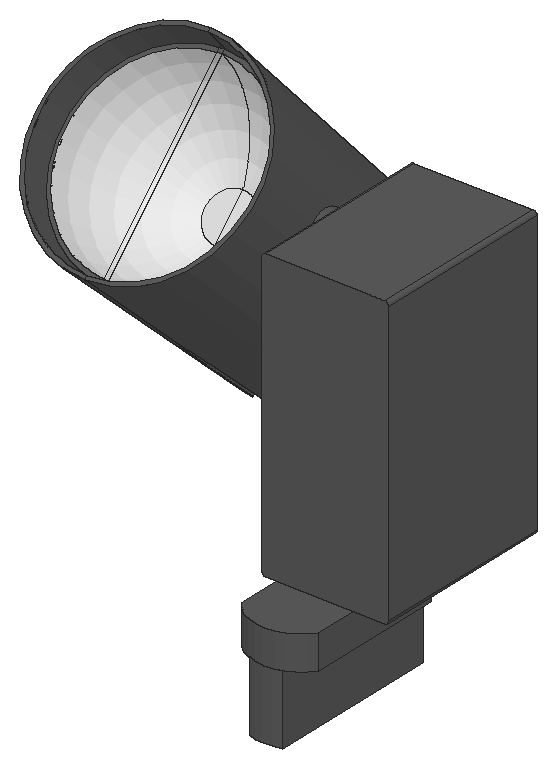
Revit family "0004940 Feilo Sylvania Lighting Fixture START TRACK SPOT S DALI 1262LM 930 WB BLK", category Lighting Fixtures, host Face, Revit 2017 (continued)
Definition of nested family "Start Track Spot Head"
  Types (96, lengths in mm): name | Wattage | built-in parameter 1150134 | Photometric Web File | Model | built-in parameter 1150105 | Lumens | built-in parameter 1150107 | built-in parameter 1150106 | HeadThickness_FEILO | HeadRibOffset_FEILO | HeadRibDepth_FEILO | HeadRibCutWidth_FEILO | HeadRibCutOffset_FEILO | HeadReflectorRadius_FEILO | HeadReflectorOffset_FEILO | HeadLEDRadius_FEILO | HeadHeight_FEILO | HeadDiffusorOffset_FEILO | HeadDiaOut_FEILO | HeadDiaIn_FEILO | HeadAxisFromTop_FEILO | Emit from Circle Diameter | built-in parameter 1150104 | Description | Apparent Load
    0004812 START TRACK SPOT S 14W 3K RA80 MB WHITE | 14 W | (empty or 0) | "0004812.ies" | "START TRACK SPOT S 14W 3K RA80 MB WHITE" | 120.32 (stored number, unit not read) | 1512 lm | 3000 (stored number, unit not read) | 1.2032 (stored number, unit not read) | 1.5 | 4.179 | 55.714 | 7.167 | 50.87 | 50.588 | 55.714 | 9.556 | 117 | 9.435 | 86 | 77.477 | 69.354 | 77.477 | 10.034 (stored number, unit not read) | "Integrated LED spotlight, Textured White - RAL9016, compact and minimalist design, ideal for retail applications, die-cast aluminium body, passive cooling heatsink. Beam angle: 36°, color temperature: 3000K , total system power: 14W, total fixture output: 1508 lm, LOR: 100%, colour rendering: Ra: 80 typical, LED Chromaticity: 3 step MacAdam ellipse, lifetime: >50000 hours at L70B50, energy class: A++, A+, A, IR/UV free light source without heat radiation, operating voltage: 220-240V / 50-60Hz, drive current: 350mA, electronic driver, non-dimmable, power factor: 0.92, electrical protection: Class II, Global Track 3 Phase adapter suitable for Global trac 3-circuit tracks, ingress protection rating: IP20, suitable for internal environment only, horizontal rotation: 355°, vertical tilt: 90°, dimensions: Ø86x140x200, weight: 0.940kg." | 14 VA
    0004811 START TRACK SPOT S 14W 3K RA80 NB WHITE | 14 W | (empty or 0) | "0004811.ies" | "START TRACK SPOT S 14W 3K RA80 NB WHITE" | 123.66 (stored number, unit not read) | 1554 lm | 3000 (stored number, unit not read) | 1.2366 (stored number, unit not read) | 1.5 | 4.179 | 55.714 | 7.167 | 50.87 | 50.588 | 55.714 | 9.556 | 117 | 9.435 | 86 | 77.477 | 69.354 | 77.477 | 10.312 (stored number, unit not read) | "Integrated LED spotlight, Textured White - RAL9016, compact and minimalist design, ideal for retail applications, die-cast aluminium body, passive cooling heatsink. Beam angle: 12°, color temperature: 3000K , total system power: 14W, total fixture output: 1551 lm, LOR: 100%, colour rendering: Ra: 80 typical, LED Chromaticity: 3 step MacAdam ellipse, lifetime: >50000 hours at L70B50, energy class: A++, A+, A, IR/UV free light source without heat radiation, operating voltage: 220-240V / 50-60Hz, drive current: 350mA, electronic driver, non-dimmable, power factor: 0.92, electrical protection: Class II, Global Track 3 Phase adapter suitable for Global trac 3-circuit tracks, ingress protection rating: IP20, suitable for internal environment only, horizontal rotation: 355°, vertical tilt: 90°, dimensions: Ø86x140x200, weight: 0.940kg." | 14 VA
  Reference planes
    plane 1 "Center (Front/Back)": y = 0
    plane 2: z = 0
    plane 3 "Center (Left/Right)": x = 0
    plane 4: x = 43
    plane 5: x = -43
    plane 6: x = -38.739
    plane 7: x = 38.739
    plane 8: z = 69.354
    plane 9: z = -47.646
    plane 10: x = -41.5
    plane 11: x = -37.239
    plane 12: z = -38.211
    plane 13: z = -35.211
    plane 14: z = 8.068
    plane 15: x = -9.556
    plane 16: x = -28.667
    plane 17: x = -19.111
    plane 18: x = -27.167
    plane 19: x = -17.611
    plane 20: x = -8.056
    plane 21: z = 13.64
    plane 22: x = -29.667
    plane 23: x = -26.167
    plane 24: x = -20.111
    plane 25: x = -16.611
    plane 26: x = -10.556
    plane 27: x = -7.056
    plane 28: x = -36.239
    plane 29: x = -40.5
    plane 30: z = 65.175
    plane 31: z = 60.997
    plane 32: z = 56.818
    plane 33: z = 18.484
    plane 34: y = -43
    plane 35: y = 43
    plane 36: y = 3.583
    plane 37: y = -3.583
    plane 38: y = -2.583
    plane 39: y = 2.583
    plane 40: y = 46
    plane 41: z = 13.5
    plane 42: z = -13.5
    plane 43: y = 39
    plane 44: x = 4.708
    plane 45: x = -2.458
    plane 46: x = -1.458
    plane 47: x = 1.458
  Forms (mm)
    Extrusion 1, solid
      sketch origin (4.2, 0, 0) x (1, 0, 0) y (0, 1, 0)
        loop
          line (-1219.2, 1219.2) -> (-1219.2, -1219.2) -> (1219.2, -1219.2) -> (1219.2, 1219.2) -> (-1219.2, 1219.2)
      from 0 to -68.017
    Revolve 2, solid, material <- "Material_1_FEILO", detail levels medium+fine
      sketch origin (0, 0, 0) x (1, 0, 0) y (0, 0, 1)
        loop
          line (-43, -47.646) -> (-41.5, -47.646) -> (-40.5, -35.211) -> (-38.739, -35.211)
          arc (-38.739, -35.211) -> (-30.16, -9.517) -> (-9.556, 8.068) r 50.588
          line (-9.556, 8.068) -> (0, 8.068) -> (0, 13.64) -> (-16.611, 13.64) -> (-17.611, 60.997) -> (-19.111, 60.997) -> (-20.111, 13.64) -> (-36.239, 13.64) -> (-37.239, 69.354) -> (-38.739, 69.354) -> (-43, -47.646)
        axis (0, 69.354) -> (0, -47.646)
      angle from 360 to 0
    Extrusion 3, void
      sketch origin (0, 0, 0) x (0, 1, 0) y (0, 0, 1)
        loop
          line (-3.583, 69.354) -> (-2.583, 18.484) -> (1.932, 18.484) -> (2.932, 69.354) -> (-3.583, 69.354)
      from 43 to -43
    Revolve 4, solid, material <- "Material_2_FEILO", detail levels medium+fine
      sketch origin (0, 0, 0) x (1, 0, 0) y (0, 0, 1)
        loop
          line (-41.5, -38.211) -> (0, -38.211) -> (0, -35.211) -> (-41.5, -35.211) -> (-41.5, -38.211)
        axis (0, -35.211) -> (0, -38.211)
      angle from 360 to 0
    Revolve 5, solid, material <- "Material_1_FEILO"
      sketch origin (0, 0, 0) x (0, 1, 0) y (0, 0, 1)
        loop
          line (46, 0) -> (39, 0) -> (39, -13.5) -> (46, -13.5) -> (46, 0)
        axis (39, 0) -> (46, 0)
      angle from 360 to 0
    Revolve 6, solid, material <- "Material_1_FEILO", detail levels medium+fine
      sketch origin (0, 0, 0) x (1, 0, 0) y (0, 0, 1)
        loop
          line (-29.667, 13.64) -> (-26.167, 13.64) -> (-27.167, 65.175) -> (-28.667, 65.175) -> (-29.667, 13.64)
        loop
          line (-10.556, 13.64) -> (-7.056, 13.64) -> (-7.833, 56.818) -> (-9.778, 56.818) -> (-10.556, 13.64)
        axis (0, 65.175) -> (0, 13.64)
      angle from 360 to 0
    Extrusion 7, void
      sketch origin (0, 0, 0) x (1, 0, 0) y (0, 0, 1)
        loop
          line (4.708, 69.354) -> (-2.458, 69.354) -> (-1.458, 13.64) -> (1.458, 13.64) -> (4.708, 69.354)
      from -43 to 43
    Revolve 8, solid, material <- "Material_1_FEILO", detail levels coarse
      sketch origin (0, 0, 0) x (1, 0, 0) y (0, 0, 1)
        loop
          line (0, 69.354) -> (-38.739, 69.354) -> (-43, -47.646) -> (-41.5, -47.646) -> (-40.731, -38.211) -> (0, -38.211) -> (0, 69.354)
        axis (0, 69.354) -> (0, -47.646)
      angle from 360 to 0
  Cuts and joins
    Extrusion 3 cuts Revolve 2
    Extrusion 7 cuts Revolve 6
  Dimensions and locks
    equal spacing: plane 7, plane 3 "Center (Left/Right)", plane 6
    equal spacing: plane 4, plane 3 "Center (Left/Right)", plane 5
    "HeadDiaOut_FEILO": plane 4 to plane 5
    "HeadDiaIn_FEILO": plane 7 to plane 6
    "HeadHeight_FEILO": plane 8 to plane 9
    "HeadThickness_FEILO": plane 10 to plane 5
    "HeadThickness_FEILO": plane 11 to plane 6
    "HeadDiffusorOffset_FEILO": plane 12 to plane 9
    "HeadDiffusorThickness_FEILO": plane 13 to plane 12
    "HeadReflectorOffset_FEILO": plane 14 to plane 9
    "HeadLEDRadius_FEILO": plane 3 "Center (Left/Right)" to plane 15
    "HeadLEDRadius_FEILO": plane 15 to plane 17
    "HeadLEDRadius_FEILO": plane 17 to plane 16
    "HeadThickness_FEILO": plane 18 to plane 16
    "HeadThickness_FEILO": plane 19 to plane 17
    "HeadThickness_FEILO": plane 20 to plane 15
    "HeadRibDepth_FEILO": plane 8 to plane 21
    "HeadDraft_FEILO": plane 16 to plane 22
    "HeadDraft_FEILO": plane 23 to plane 18
    "HeadDraft_FEILO": plane 17 to plane 24
    "HeadDraft_FEILO": plane 25 to plane 19
    "HeadDraft_FEILO": plane 15 to plane 26
    "HeadDraft_FEILO": plane 27 to plane 20
    "HeadDraft_FEILO": plane 29 to plane 10
    "HeadDraft_FEILO": plane 28 to plane 11
    "HeadRibOffset_FEILO": plane 8 to plane 30
    "HeadRibOffset_FEILO": plane 30 to plane 31
    "HeadRibOffset_FEILO": plane 31 to plane 32
    "HeadAxisFromTop_FEILO": plane 8 to plane 2
    "HeadRibCutOffset_FEILO": plane 8 to plane 33
    equal spacing: plane 34, plane 1 "Center (Front/Back)", plane 35
    "HeadDiaOut_FEILO": plane 34 to plane 35
    equal spacing: plane 38, plane 1 "Center (Front/Back)", plane 39
    equal spacing: plane 37, plane 1 "Center (Front/Back)", plane 36
    "HeadRibCutWidth_FEILO": plane 37 to plane 36
    "HeadDraft_FEILO": plane 37 to plane 38
    locked: plane 35 to plane 40 at 3
    equal spacing: plane 41, plane 2, plane 42
    locked: plane 42 to plane 41 at 27
    locked: plane 43 to plane 35 at 4
    equal spacing: plane 45, imposter light, plane 44
    "HeadDraft_FEILO": plane 46 to plane 45
    "HeadRibCutWidth_FEILO": plane 44 to plane 45
    equal spacing: plane 47, plane 3 "Center (Left/Right)", plane 46
    "HeadReflectorRadius_FEILO": radius of Revolve 2 sketch curve
    aligned and locked: plane 2 to Extrusion 1
    aligned and locked: level to Extrusion 1
    aligned and locked: Revolve 2 sketch curve to plane 3 "Center (Left/Right)"  (x2)
    aligned and locked: plane 9 to Revolve 2 sketch curve  (x2)
    aligned and locked: plane 5 to Revolve 2 sketch curve
    aligned and locked: plane 10 to Revolve 2 sketch curve
    aligned and locked: plane 14 to Revolve 2 sketch curve
    aligned and locked: plane 8 to Revolve 2 sketch curve
    aligned and locked: Revolve 2 sketch curve to plane 13
    aligned and locked: plane 12 to Revolve 4 sketch curve
    aligned and locked: plane 3 "Center (Left/Right)" to Revolve 4 sketch curve
    aligned and locked: Revolve 4 sketch curve to plane 10
    aligned and locked: Revolve 4 sketch curve to plane 3 "Center (Left/Right)"
    aligned and locked: plane 12 to imposter light
    aligned and locked: imposter light to plane 1 "Center (Front/Back)"
    aligned and locked: Revolve 5 sketch curve to plane 2
    aligned and locked: plane 43 to Revolve 5 sketch curve
    aligned and locked: plane 42 to Revolve 5 sketch curve
    aligned and locked: Revolve 6 sketch curve to plane 3 "Center (Left/Right)"
    aligned and locked: plane 22 to Revolve 6 sketch curve
    aligned and locked: plane 30 to Revolve 6 sketch curve
    aligned and locked: plane 23 to Revolve 6 sketch curve
    aligned and locked: Revolve 6 sketch curve to plane 21  (x2)
    aligned and locked: plane 21 to Revolve 6 sketch curve
    aligned and locked: plane 17 to Revolve 2 sketch curve
    aligned and locked: plane 19 to Revolve 2 sketch curve
    aligned and locked: plane 31 to Revolve 2 sketch curve
    aligned and locked: plane 21 to Revolve 2 sketch curve
    aligned and locked: Extrusion 3 to plane 8
    aligned and locked: plane 33 to Extrusion 3
    aligned and locked: plane 8 to Extrusion 3 sketch curve
    aligned and locked: Extrusion 3 sketch curve to plane 33
    aligned and locked: Extrusion 3 to plane 5
    aligned and locked: plane 4 to Extrusion 3
    aligned and locked: plane 32 to Revolve 6 sketch curve
    aligned and locked: plane 44 to Extrusion 7 sketch curve
    aligned and locked: Extrusion 7 sketch curve to plane 8
    aligned and locked: plane 46 to Extrusion 7 sketch curve
    aligned and locked: plane 21 to Extrusion 7 sketch curve
    aligned and locked: plane 34 to Extrusion 7
    aligned and locked: Extrusion 7 to plane 35
    aligned and locked: Revolve 4 sketch curve to plane 13
    aligned and locked: Revolve 5 sketch curve to plane 40
    aligned and locked: Revolve 8 sketch curve to plane 3 "Center (Left/Right)"
    aligned and locked: Revolve 8 sketch curve to cut or joined group of Revolve 2, Extrusion 3  (x3)
    aligned and locked: plane 5 to Revolve 8 sketch curve
    aligned and locked: plane 3 "Center (Left/Right)" to Revolve 8 sketch curve
    aligned and locked: plane 12 to Revolve 8 sketch curve
  Automatic sketch dimensions
    Extrusion 1 sketch curve to Extrusion 1 sketch curve = 2438.4 mm  (x2)
    Extrusion 3 sketch curve to plane 37 = 0 mm
    Extrusion 3 sketch curve to plane 38 = 0 mm
    plane 39 to Extrusion 3 sketch curve = 0.651 mm
    Extrusion 3 sketch curve to plane 39 = 0.349 mm
    Revolve 6 sketch curve to plane 16 = 0 mm
    Revolve 6 sketch curve to plane 18 = 0 mm
    Revolve 6 sketch curve to plane 26 = 0 mm
    Revolve 6 sketch curve to plane 27 = 0 mm
    Revolve 6 sketch curve to plane 15 = 0.222 mm
    plane 9 to Revolve 6 sketch curve = 559.103 mm
    Revolve 6 sketch curve to plane 8 = 2535.555 mm
    plane 20 to Revolve 6 sketch curve = 0.222 mm
    Revolve 2 sketch curve to plane 29 = 0 mm
    Revolve 2 sketch curve to plane 6 = 0 mm  (x2)
    Revolve 2 sketch curve to plane 11 = 0 mm
    Revolve 2 sketch curve to plane 21 = 0 mm
    Revolve 2 sketch curve to plane 28 = 0 mm
    Revolve 2 sketch curve to plane 24 = 0 mm
    Revolve 2 sketch curve to plane 25 = 0 mm
    Revolve 2 sketch curve to plane 15 = 0 mm
    Revolve 2 sketch curve to Revolve 2 sketch curve = 557.155 mm
    Revolve 2 sketch curve to plane 8 = 2535.558 mm
    Extrusion 7 sketch curve to plane 45 = 0 mm
    Extrusion 7 sketch curve to plane 47 = 0 mm
    plane 9 to Revolve 4 sketch curve = 559.103 mm
    Revolve 4 sketch curve to plane 8 = 2535.555 mm
    Revolve 5 sketch curve to level = 0 mm
    plane 34 to Revolve 5 sketch curve = 1968.092 mm
    Revolve 5 sketch curve to plane 40 = 1405.763 mm
    Revolve 8 sketch curve to plane 6 = 0 mm
    Revolve 8 sketch curve to plane 29 = 0.231 mm
    plane 9 to Revolve 8 sketch curve = 559.103 mm
    Revolve 8 sketch curve to Revolve 8 sketch curve = 2535.555 mm
Definition of nested family "Start Track Spot Box"
  Parameters (values of type "Type Large White")
    URL = "http://www.feilosylvania.com"
    Type Image = (empty or 0)
    Type Comments = "n/a"
    Small_FEILO = no
    Material_3_FEILO = none
    Model = ""
    Manufacturer = "Feilo Sylvania"
    Keynote = ""
    Material_2_FEILO = none
    Description = ""
    Default Elevation = 1219.2 mm
    Cost = 0
    Material_1_FEILO = none
    BoxWidth_FEILO = 49 mm
    BoxStartAngle_FEILO [instance] = 0.00°
    BoxRadius_FEILO = 1.5 mm
    BoxHeight_FEILO = if(Small_FEILO, 112 mm, 136 mm)  # 136 mm
    BoxEndAngle_FEILO [instance] = BoxStartAngle_FEILO - 180.00°  # -180.00°
    BoxDepth_FEILO = if(Small_FEILO, 71.5 mm, 79 mm)  # 79 mm
    BoxAxisVerticalOffset_FEILO = 16 mm
    BoxAxisOffset_FEILO = BoxHeight_FEILO / 6.8  # 20 mm
    Assembly Code = ""
    Material_4_FEILO = none
  Types (4, lengths in mm): name | Small_FEILO | BoxHeight_FEILO | BoxDepth_FEILO | BoxAxisOffset_FEILO
    Type Large White | no | 136 | 79 | 20
    Type Small White | yes | 112 | 71.5 | 16.471
    Type Small Black | yes | 112 | 71.5 | 16.471
    Type Large Black | no | 136 | 79 | 20
  Reference planes
    plane 1 "Center (Front/Back)": y = 0
    plane 2: z = 0
    plane 3 "Center (Left/Right)": x = 0
    plane 4: x = 24.5
    plane 5: x = -24.5
    plane 6: y = 68
    plane 7: y = -68
    plane 8: z = 39.5
    plane 9: z = -39.5
    plane 10: y = -48
    plane 11: x = 30.5
    plane 12: x = 8.5
    plane 13: x = 21.5
    plane 14: y = 70
    plane 15: y = 72
    plane 16: x = 19.5
  Forms (mm)
    Extrusion 1, solid
      sketch origin (4.2, 0, 0) x (1, 0, 0) y (0, 1, 0)
        loop
          line (-1219.2, 1219.2) -> (-1219.2, -1219.2) -> (1219.2, -1219.2) -> (1219.2, 1219.2) -> (-1219.2, 1219.2)
      from 0 to -68.017
    Extrusion 2, solid, material <- "Material_1_FEILO"
      sketch origin (0, 0, 0) x (1, 0, 0) y (0, 1, 0)
        loop
          arc (-23, 68) -> (-24.061, 67.561) -> (-24.5, 66.5) r 1.5
          line (-24.5, 66.5) -> (-24.5, -66.5)
          arc (-24.5, -66.5) -> (-24.061, -67.561) -> (-23, -68) r 1.5
          line (-23, -68) -> (23, -68)
          arc (23, -68) -> (24.061, -67.561) -> (24.5, -66.5) r 1.5
          line (24.5, -66.5) -> (24.5, 66.5)
          arc (24.5, 66.5) -> (24.061, 67.561) -> (23, 68) r 1.5
          line (23, 68) -> (-23, 68)
      from -39.5 to 39.5
    Revolve 3, solid, not visible
      sketch origin (0, 0, 0) x (1, 0, 0) y (0, 1, 0)
        loop
          line (30.5, -48) -> (24.5, -48) -> (24.5, -68) -> (30.5, -68) -> (30.5, -48)
        axis (30.5, -48) -> (24.5, -48)
      angle from 0 <- "BoxStartAngle_FEILO" to -180 <- "BoxEndAngle_FEILO"
    Revolve 4, solid, material <- "Material_2_FEILO"
      sketch origin (0, 0, 0) x (1, 0, 0) y (0, 1, 0)
        loop
          line (8.5, 68) -> (19.5, 68) -> (19.5, 70) -> (21.5, 70) -> (21.5, 72) -> (8.5, 72) -> (8.5, 68)
        axis (8.5, 72) -> (8.5, 68)
      angle from 360 to 0
  Dimensions and locks
    equal spacing: plane 5, plane 3 "Center (Left/Right)", plane 4
    "BoxWidth_FEILO": plane 5 to plane 4
    equal spacing: plane 7, plane 1 "Center (Front/Back)", plane 6
    "BoxHeight_FEILO": plane 7 to plane 6
    equal spacing: plane 8, plane 2, plane 9
    "BoxDepth_FEILO": plane 8 to plane 9
    "BoxAxisOffset_FEILO": plane 7 to plane 10
    locked: plane 4 to plane 11 at 6
    "BoxAxisVerticalOffset_FEILO": plane 12 to plane 4
    locked: plane 12 to plane 13 at 13
    plane 6 to plane 14 to plane 15 = 2 mm locked, 2 mm locked
    locked: plane 12 to plane 16 at 11
    "BoxRadius_FEILO": radius of Extrusion 2 sketch curve  (x4)
    aligned and locked: plane 2 to Extrusion 1
    aligned and locked: level to Extrusion 1
    aligned and locked: plane 6 to Extrusion 2 sketch curve
    aligned and locked: plane 5 to Extrusion 2 sketch curve
    aligned and locked: Extrusion 2 sketch curve to plane 7
    aligned and locked: Extrusion 2 sketch curve to plane 4
    aligned and locked: Extrusion 2 to plane 8
    aligned and locked: plane 9 to Extrusion 2
    aligned and locked: Revolve 3 sketch curve to plane 10  (x2)
    aligned and locked: plane 11 to Revolve 3 sketch curve
    aligned and locked: Revolve 3 sketch curve to plane 4
    aligned and locked: plane 7 to Revolve 3 sketch curve
    aligned and locked: Revolve 4 sketch curve to plane 12
    aligned and locked: plane 6 to Revolve 4 sketch curve
    aligned and locked: plane 12 to Revolve 4 sketch curve
    aligned and locked: plane 15 to Revolve 4 sketch curve
    aligned and locked: Revolve 4 sketch curve to plane 13
    aligned and locked: Revolve 4 sketch curve to plane 14
    aligned and locked: Revolve 4 sketch curve to plane 16
    aligned and locked: Revolve 4 sketch curve to plane 6
  Automatic sketch dimensions
    Extrusion 1 sketch curve to Extrusion 1 sketch curve = 2438.4 mm  (x2)
    Revolve 3 sketch curve to plane 5 = 1499.5 mm
    plane 11 to Revolve 3 sketch curve = 1493.5 mm
    plane 15 to Revolve 4 sketch curve = 0 mm
    plane 7 to Revolve 4 sketch curve = 1456 mm
    Revolve 4 sketch curve to plane 15 = 1452 mm
